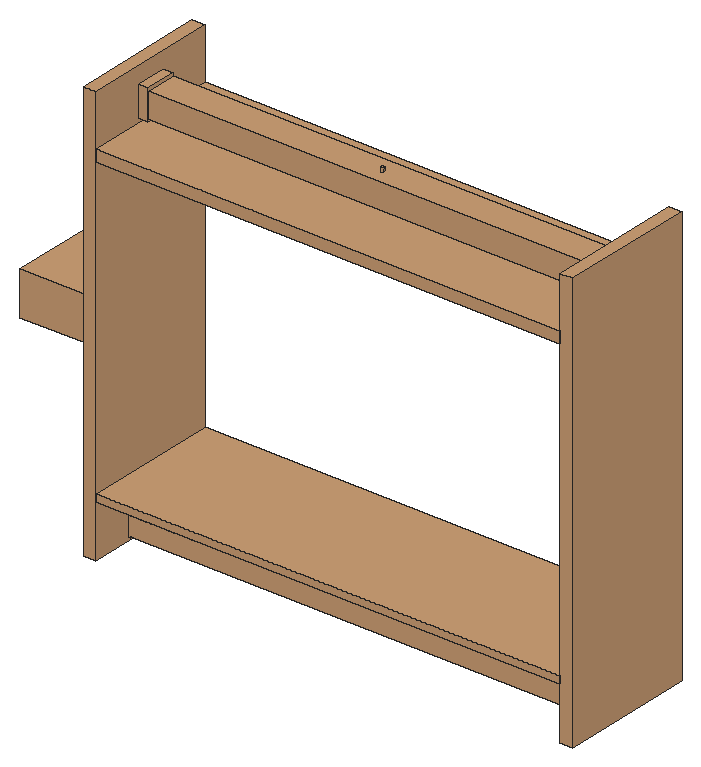
Revit family
Parameters
  Center of Unit = 0' - 0"  # constant formula
  Total Heating Capacity [instance] = 0.0 Btu/h
  Series = "VIFB"
  Outlet Area = 25.00 SF
  Lower Frame Thickness = if(Headers Height = 0' 3", 0' 1 1/4", if(Headers Height = 0' 3 1/4", 0' 1 1/4", 0' 0"))  # 0' - 1 1/4"
  Water Pressure Drop [instance] = 0.00 psi
  Water Flow [instance] = 0 GPM
  Unit Weight (lbs) = 888
  URL = "http://www.ljwing.com/"
  Water Outlet Radius = 0' - 1 1/2"
  Headers Height = if(M = 0' 1", 0' 3", if(M = 0' 1 1/2", 0' 3 1/4", 0' 0"))  # 0' - 3"
  Number of Rows = 2  # constant formula
  Number of Coils [instance] = 0
  Nominal Length = 6' - 7 1/16"
  N = 1' - 0 3/4"
  Model = "VC-7W"
  Manufacturer = "LJ Wing"
  M = 0' - 1"
  Leaving Water Temperature [instance] = 0 °F
  Leaving Air Temperature [instance] = 0 °F
  Entering Water Temperature [instance] = 0 °F
  Entering Air Temperature [instance] = 0 °F
  Description = "Vertical Integral Face & Bypass Water Heating Coils"
  Hot Water Inlet  Radius = 0' - 1 1/2"
  Coil Face Area = Outlet Area * 0.56  # 14.00 SF
  Casing Material = ""
  Assembly Code = "D3020300"
  Air Vent Radius = 0' - 0 1/4"
  Air Pressure Drop [instance] = 0.00 in-wg
  Air Inlet Width = Nominal Length - 0' 4"  # 6' - 3 1/16"
  Air Inlet Height = Y  # 4' - 0"
  Air Flow [instance] = 0 CFM
  Y = 4' - 0"
  S = 0' - 9 3/4"  # constant formula
  Product URL = "http://www.ljwing.com/html/vifb.asp"
  OmniClass = "23-75 70 21 14 "
  Nominal Height = 5' - 8"
  Nominal Depth = 1' - 10"
  R = 0' - 10 1/4"  # constant formula
  Q = 0' - 3 17/32"
Reference planes (in)
  plane 1 "Center (Front/Back)": y = 0
  plane 2: z = -24
  plane 3 "Center (Left/Right)": x = 0
  plane 4: z = 34.25
  plane 5: x = -39.53125
  plane 6: x = 39.53125
  plane 7: z = -33.75
  plane 8: z = 0
  plane 9: y = -11
  plane 10: y = 11
  plane 11: z = 24
  plane 12: z = 26
  plane 13: z = -25.25
  plane 14: x = 37.53125
  plane 15: x = -37.53125
  plane 16: x = -36
  plane 17: x = 36
  plane 18: y = 14.0625
  plane 19: x = -50.53125
  plane 20: z = 31.125
  plane 21: z = 27.125
  plane 22: y = -2.5
  plane 23: y = 2.5
  plane 24: y = -4.5
  plane 25: z = -31.375
  plane 26: x = -26.78125
  plane 27: x = 26.78125
  plane 28: z = -27.375
Forms (in)
  Extrusion 1, solid, material "Painted Finish"
    sketch origin (0, 6, -9.75) x (1, 0, 0) y (0, 0, 1)
      loop
        line (-39.53125, -24) -> (-37.53125, -24) -> (-37.53125, 44) -> (-39.53125, 44) -> (-39.53125, -24)
      loop
        line (39.53125, -24) -> (39.53125, 44) -> (37.53125, 44) -> (37.53125, -24) -> (39.53125, -24)
    from -5 to 17
  Extrusion 2, solid, material "Painted Finish"
    sketch origin (0, 6, 0) x (1, 0, 0) y (0, 0, 1)
      loop
        line (37.53125, -24) -> (-37.53125, -24) -> (-37.53125, -25.25) -> (37.53125, -25.25) -> (37.53125, -24)
      loop
        line (37.53125, 24) -> (37.53125, 26) -> (-37.53125, 26) -> (-37.53125, 24) -> (37.53125, 24)
    from -5 to 17
  Extrusion 3, solid, material "Painted Finish"
    sketch origin (0, 10, -0.5) x (1, 0, 0) y (0, 0, 1)
      loop
        line (-39.53125, 4) -> (-50.53125, 4) -> (-50.53125, -3) -> (-39.53125, -3) -> (-39.53125, 4)
    from 0 to 20
  Extrusion 4, solid, material "Painted Finish"
    sketch origin (0, 6, 0) x (1, 0, 0) y (0, 0, 1)
      loop
        line (-35.90625, 31.125) -> (-35.90625, 27.125) -> (35.90625, 27.125) -> (35.90625, 31.125) -> (-35.90625, 31.125)
    from 3.5 to 8.5
  Extrusion 5, solid, material "Painted Finish"
    sketch origin (0, 0, 0) x (1, 0, 0) y (0, 0, 1)
      loop
        line (-35.90625, 26.625) -> (-35.90625, 31.625) -> (-37.53125, 31.625) -> (-37.53125, 26.625) -> (-35.90625, 26.625)
      loop
        line (37.53125, 26.625) -> (37.53125, 31.625) -> (35.90625, 31.625) -> (35.90625, 26.625) -> (37.53125, 26.625)
    from -2.5 to 2.5
  Extrusion 6, solid, material "Painted Finish"
    sketch origin (0, 6, 0) x (1, 0, 0) y (0, 0, 1)
      loop
        line (-37.03125, -25.875) -> (-37.03125, -25.625) -> (-37.53125, -25.625) -> (-37.53125, -29.125) -> (-37.03125, -29.125) -> (-37.03125, -28.875) -> (37.03125, -28.875) -> (37.03125, -29.125) -> (37.53125, -29.125) -> (37.53125, -25.625) -> (37.03125, -25.625) -> (37.03125, -25.875) -> (-37.03125, -25.875)
      loop
        line (37.03125, -32.875) -> (37.03125, -33.125) -> (37.53125, -33.125) -> (37.53125, -29.625) -> (37.03125, -29.625) -> (37.03125, -29.875) -> (-37.03125, -29.875) -> (-37.03125, -29.625) -> (-37.53125, -29.625) -> (-37.53125, -33.125) -> (-37.03125, -33.125) -> (-37.03125, -32.875) -> (37.03125, -32.875)
    from -5 to 10.5
  Extrusion 7, void
    sketch origin (0, 0, 0) x (1, 0, 0) y (0, 0, 1)
      loop
        line (-37.53125, 24) -> (-37.53125, -24) -> (37.53125, -24) -> (37.53125, 24) -> (-37.53125, 24)
    from -11 to 11
  Extrusion 8, solid, material "Painted Finish"
    sketch origin (0, 0, 0) x (1, 0, 0) y (0, 0, 1)
      loop
        circle (26.78125, -31.375) r 1
      loop
        circle (-26.78125, -27.375) r 1
    from -14.0625 to -11
  Extrusion 9, solid, material "Painted Finish"
    sketch origin (0, 0, 0) x (1, 0, 0) y (0, 1, 0)
      loop
        circle (0, 0) r 0.25
    from 31.125 to 31.625
Cuts and joins
  Extrusion 7 cuts Extrusion 1
  Extrusion 7 cuts Extrusion 2
Dimensions and locks (in)
  "Nominal Length": plane 6 to plane 5
  equal spacing: plane 6, plane 3 "Center (Left/Right)", plane 5
  "S": plane 2 to plane 7
  "Nominal Depth": plane 10 to plane 9
  equal spacing: plane 10, plane 1 "Center (Front/Back)", plane 9
  "Y": plane 11 to plane 2
  "R": plane 4 to plane 11
  locked: plane 12 to plane 11 at 2
  "Lower Frame Thickness": plane 2 to plane 13
  "Q": plane 16 to plane 5
  "Q": plane 6 to plane 17
  locked: plane 18 to plane 10 at 3.0625
  locked: plane 5 to plane 19 at 11
  locked: Extrusion 3 sketch curve to Extrusion 3 sketch curve at 7
  locked: Extrusion 3 to Extrusion 3 at 20
  locked: plane 6 to plane 14 at 2
  locked: plane 15 to plane 5 at 2
  locked: Extrusion 5 sketch curve to plane 20 at 0.5
  locked: plane 21 to Extrusion 5 sketch curve at 0.5
  locked: plane 20 to plane 21 at 4
  locked: plane 23 to plane 22 at 5
  equal spacing: plane 23, plane 1 "Center (Front/Back)", plane 22
  locked: plane 22 to plane 24 at 2
  plane 4 to plane 7 = 5' - 8"
  locked: Extrusion 5 sketch curve to Extrusion 1 at 1.625
  locked: Extrusion 5 sketch curve to Extrusion 5 sketch curve at 1.625
  locked: Extrusion 7 sketch curve to plane 11 at 0
  locked: Extrusion 7 sketch curve to plane 15 at 0
  locked: Extrusion 7 sketch curve to plane 14 at 0
  locked: plane 15 to Extrusion 6 sketch curve at 0.5
  locked: Extrusion 6 sketch curve to Extrusion 6 sketch curve at 0.25  (x2)
  locked: plane 25 to plane 7 at 2.375
  "N": plane 26 to plane 5
  "N": plane 6 to plane 27
  locked: plane 28 to plane 7 at 6.375
  "Headers Height": Extrusion 6 sketch curve to Extrusion 6 sketch curve  (x2)
  locked: Extrusion 8 sketch curve to plane 25 at 0
  locked: Extrusion 8 sketch curve to plane 28 at 0
  locked: Extrusion 9 sketch curve to plane 1 "Center (Front/Back)" at 0
  locked: Extrusion 9 sketch curve to plane 3 "Center (Left/Right)" at 0
  equal spacing: Extrusion 6 sketch curve, plane 28, Extrusion 6 sketch curve
  equal spacing: Extrusion 6 sketch curve, plane 25, Extrusion 6 sketch curve
  locked: plane 4 to plane 20 at 3.125
  locked: Extrusion 7 sketch curve to plane 2 at 0
  equal spacing: plane 11, plane 8, plane 2
  locked: Extrusion 8 sketch curve to plane 27 at 0
  locked: Extrusion 8 sketch curve to plane 26 at 0
  "M": radius of Extrusion 8 sketch curve  (x2)
  "Air Vent Radius": radius of Extrusion 9 sketch curve
  aligned and locked: Extrusion 1 to plane 9
  aligned and locked: Extrusion 1 to plane 10
  aligned and locked: Extrusion 1 to plane 15
  aligned and locked: Extrusion 1 to plane 14
  aligned and locked: Extrusion 2 to plane 9
  aligned and locked: plane 9 to Extrusion 1
  aligned and locked: plane 10 to Extrusion 1  (x2)
  aligned and locked: Extrusion 2 to plane 10
  aligned and locked: plane 10 to Extrusion 2  (x2)
  aligned and locked: plane 9 to Extrusion 2  (x2)
  aligned and locked: plane 5 to Extrusion 3
  aligned and locked: Extrusion 5 sketch curve to plane 15
  aligned and locked: Extrusion 5 sketch curve to Extrusion 4
  aligned and locked: Extrusion 1 to Extrusion 6
  aligned and locked: plane 22 to Extrusion 5
  aligned and locked: Extrusion 5 to Extrusion 4  (x2)
  aligned and locked: Extrusion 5 to plane 23
  aligned and locked: Extrusion 6 to plane 24
  aligned and locked: Extrusion 4 to Extrusion 5  (x2)
  aligned and locked: Extrusion 5 to Extrusion 1  (x2)
  aligned and locked: Extrusion 1 to Extrusion 7  (x2)
  aligned and locked: plane 18 to Extrusion 8
  aligned and locked: Extrusion 8 to plane 10
  aligned and locked: plane 20 to Extrusion 9
  aligned and locked: Extrusion 9 to Extrusion 5
  aligned and locked: plane 2 to cut or joined group of Extrusion 2, Extrusion 7
  aligned and locked: Extrusion 1 sketch curve to plane 6
  aligned and locked: Extrusion 1 sketch curve to plane 14
  aligned and locked: Extrusion 1 sketch curve to plane 15
  aligned and locked: Extrusion 1 sketch curve to plane 5
  aligned and locked: Extrusion 1 sketch curve to plane 4  (x2)
  aligned and locked: plane 7 to Extrusion 1 sketch curve  (x2)
  aligned and locked: Extrusion 2 sketch curve to plane 11
  aligned and locked: Extrusion 2 sketch curve to plane 12
  aligned and locked: plane 2 to Extrusion 2 sketch curve
  aligned and locked: Extrusion 2 sketch curve to plane 13
  aligned and locked: Extrusion 2 sketch curve to plane 14  (x2)
  aligned and locked: Extrusion 2 sketch curve to plane 15  (x2)
  aligned and locked: plane 20 to Extrusion 4 sketch curve
  aligned and locked: Extrusion 4 sketch curve to plane 21
  aligned and locked: Extrusion 6 sketch curve to plane 14  (x2)
  aligned and locked: plane 15 to Extrusion 6 sketch curve  (x2)
Automatic sketch dimensions
  Extrusion 3 sketch curve to plane 19 = 0' - 0"
  Extrusion 3 sketch curve to plane 5 = 0' - 0"
  plane 8 to Extrusion 3 sketch curve = 0' - 3 1/2"
  plane 16 to Extrusion 4 sketch curve = 0' - 0 3/32"
  Extrusion 4 sketch curve to plane 17 = 0' - 0 3/32"
  plane 21 to Extrusion 5 sketch curve = 0' - 0 1/2"
  Extrusion 5 sketch curve to plane 20 = 0' - 0 1/2"
  plane 15 to Extrusion 6 sketch curve = 0' - 0 1/2"  (x2)
  Extrusion 6 sketch curve to Extrusion 6 sketch curve = 0' - 0 1/4"  (x5)
  Extrusion 6 sketch curve to Extrusion 6 sketch curve = 0' - 0"  (x2)
  Extrusion 6 sketch curve to plane 14 = 0' - 0 1/2"  (x2)
  Extrusion 6 sketch curve to Extrusion 6 sketch curve = 0' - 0 1/2"
  Extrusion 6 sketch curve to plane 7 = 0' - 0 5/8"
Connectors (in)
  hvac at (0, -11, 0), driven by "Air Inlet Height", driven by "Air Inlet Width", driven by "Air Flow", driven by "Air Pressure Drop"
    settings: on Extrusion 7, index 1
  hvac at (0, 11, 0), driven by "Air Pressure Drop", driven by "Air Inlet Height", driven by "Air Inlet Width", driven by "Air Flow"
    settings: on Extrusion 7, index 2
  piping at (-26.78125, 14.0625, -27.375), driven by "M", driven by "Water Flow", driven by "Water Pressure Drop"
    settings: on Extrusion 8, index 4
  piping at (26.78125, 14.0625, -31.375), driven by "Water Pressure Drop", driven by "Water Flow", driven by "M"
    settings: on Extrusion 8, index 5
